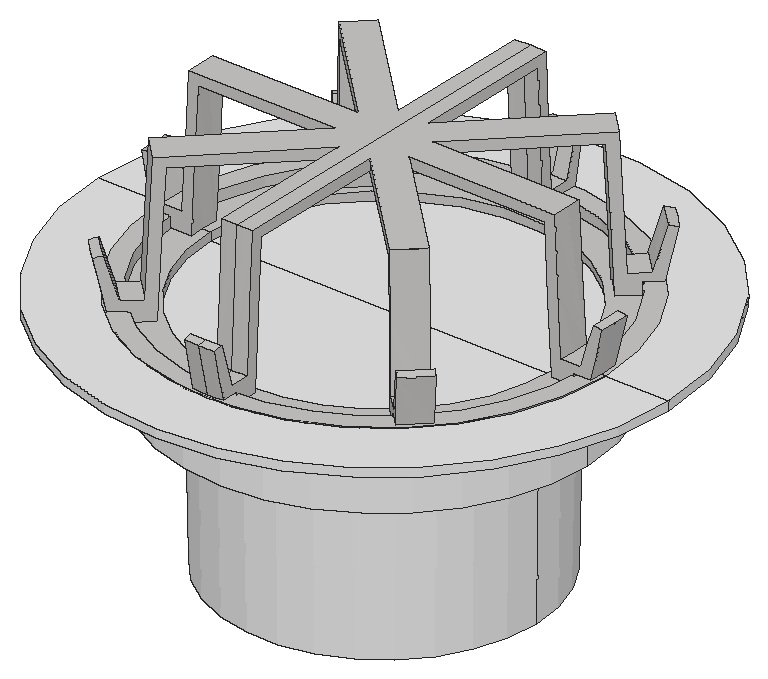
Revit family "Viking Roofspec Drain 07 M01", category Pipe Fittings, host Face, Revit 2021
Family settings
  Host = Face
  Round Connector Dimension = Use Diameter
  Part Type = Cap
  Cut with Voids When Loaded = No
  Shared = No
Parameters (values of type "Drains - Roof Drain - 150mm")
  URL = "www.vikingroofspec.co.nz"
  Type Comments = "Viking Roofspec 150mmØ clamped drain SDM051 with 304 S/S domed grate, installed as per manufacturers instructions."
  Pipe Diameter = 150 mm
  Overall Cut Diameter = 280 mm
  Model = "SDM051"
  Material = Viking Roofspec - Plastic White
  Manufacturer = "Viking Roofspec"  # constant formula
  Grate Material = Viking Roofspec - Stainless Steel
  Flow Out = 7.6 L/s
  Default Elevation = 0 mm
  Cut Diameter = 235 mm
  Component = SDM051 : Drain
Reference planes
  plane 1 "Center (Front/Back)": y = 0
  plane 2: z = 0
  plane 3 "Center (Left/Right)": x = 0
  plane 4 "Pipe Connector": z = -116.857
Forms (mm)
  Extrusion 1, void
    sketch origin (0, 0, 0) x (1, 0, 0) y (0, 1, 0)
      loop
        circle (0, 0) r 117.5
    from 0 to -120
  Extrusion 2, void
    sketch origin (0, 0, 0) x (1, 0, 0) y (0, 1, 0)
      loop
        circle (0, 0) r 140
    from -4 to 0
Dimensions and locks
  locked: host face to plane 4 "Pipe Connector" at 116.857
  "Cut Diameter": diameter of Extrusion 1 sketch curve
  "Overall Cut Diameter": diameter of Extrusion 2 sketch curve
  aligned and locked: plane 2 to host face
  aligned and locked: level to host face
Automatic sketch dimensions
  host sketch curve to host sketch curve = 2438.4 mm  (x2)
  plane 1 "Center (Front/Back)" to Extrusion 1 sketch curve = 0 mm
  Extrusion 1 sketch curve to plane 3 "Center (Left/Right)" = 0 mm
  plane 1 "Center (Front/Back)" to Extrusion 2 sketch curve = 0 mm
  Extrusion 2 sketch curve to plane 3 "Center (Left/Right)" = 0 mm
Nested families
  nested 1: "SDM051" at (0, 0, 0), type <- "Component", Grate Material <- "Grate Material", Material <- "Material", type "Drain"
Connectors
  piping at (0, 0, -116.857), diameter 150, driven by "Pipe Diameter", driven by "Flow Out"
    settings: index 3, connector inside diameter 609.6 mm, connector length 0 mm, flow factor 0, pipe flow 7.6 L/s, pressure drop 0.0 Pa, fitting loss kfactor 0, connector angle 0.00°, fixture units 0, engagement length 0 mm, angle of deflection 0.00°, flow configuration 1, flow direction 2, fitting loss method 4, system type 16, joint type 0, gender type 0, connector reference index -1, connector utility 0, adjustable connector no, is connector primary yes, connector description "Drain/Overflow"
Definition of nested family "SDM051"
  Parameters (values of type "Overflow")
    Material [instance] = none
    Has Overflow = yes
    Grate Material [instance] = none
    Default Elevation = 1219.2 mm
  Types (2, lengths in mm): name | Has Overflow
    Drain | no
    Overflow | yes
  Reference planes
    plane 1 "Center (Front/Back)": y = 0
    plane 2: z = 0
    plane 3 "Center (Left/Right)": x = 0
  Forms (mm)
    Revolve 1, solid, material <- "Material"
      sketch origin (0, 0, 0.4) x (1, 0, 0) y (0, 0, 1)
        loop
          line (-76.392, -42.743) -> (-75.04, -121.2) -> (0, -121.2) -> (0, -9) -> (-100, -9) -> (-108.6, -0.4) -> (-140, -0.4) -> (-140, -4.4) -> (-114.957, -4.4) -> (-100.25, -19.107) -> (-100.25, -42.743) -> (-76.392, -42.743)
        axis (0, -0.4) -> (0, -121.2)
      angle from 0 to 360
    Revolve 2, solid, material <- "Grate Material"
      sketch origin (0, 0, 0.4) x (1, 0, 0) y (0, 0, 1)
        loop
          line (85.25, -5) -> (85.25, -9) -> (100, -9) -> (109, 0) -> (99.75, 0) -> (99.75, -5) -> (85.25, -5)
        axis (0, 0) -> (0, -9)
      angle from 0 to 360
  Dimensions and locks
    aligned and locked: level to plane 2
    aligned and locked: Revolve 1 sketch curve to plane 3 "Center (Left/Right)"
  Nested families
    nested 1: "150mm Grate" at (0, 0, 0.4) x (0, 1, 0) z (0, 0, 1), Grate Material <- "Grate Material", type "150mm Grate"
      with Grate Material none
    nested 2: "150mm Overflow" at (0, 0, -8.6) x (0, 1, 0) z (0, 0, 1), visible <- "Has Overflow", type "150mm Overflow"
      with Material none
  Definition of nested family "150mm Grate"
    Parameters (values of type "150mm Grate")
      Grate Material [instance] = none
      Default Elevation = 1219.2 mm
    Reference planes
      plane 1 "Center (Front/Back)": y = 0
      plane 2: z = 0
      plane 3 "Center (Left/Right)": x = 0
    Forms (mm)
      Revolve 1, solid, material <- "Grate Material"
        sketch origin (0, 0, 0) x (1, 0, 0) y (0, 0, 1)
          loop
            line (93.334, 5) -> (90.195, 67.56) -> (0, 67.56) -> (0, 62.56) -> (85.321, 62.56) -> (88.836, -4.5) -> (99.8, -4.5) -> (99.8, 0.8) -> (107.956, 0.8) -> (113.417, 24.452) -> (109.364, 25.388) -> (103.131, 5) -> (93.334, 5)
          axis (0, 67.56) -> (0, -4.5)
        angle from 0 to 360
      Extrusion 2, void
        sketch origin (300, 0, 0) x (1, 0, 0) y (0, 1, 0)
          loop
            line (-281.893, -7.5) -> (-198.245, -91.148) -> (-163.597, -7.5) -> (-281.893, -7.5)
          loop
            line (-281.893, 7.5) -> (-163.597, 7.5) -> (-198.245, 91.148) -> (-281.893, 7.5)
          loop
            line (-292.5, 18.107) -> (-208.852, 101.755) -> (-292.5, 136.403) -> (-292.5, 18.107)
          loop
            line (-307.5, 136.403) -> (-391.148, 101.755) -> (-307.5, 18.107) -> (-307.5, 136.403)
          loop
            line (-318.107, 7.5) -> (-401.755, 91.148) -> (-436.403, 7.5) -> (-318.107, 7.5)
          loop
            line (-318.107, -7.5) -> (-436.403, -7.5) -> (-401.755, -91.148) -> (-318.107, -7.5)
          loop
            line (-307.5, -18.107) -> (-391.148, -101.755) -> (-307.5, -136.403) -> (-307.5, -18.107)
          loop
            line (-292.5, -18.107) -> (-292.5, -136.403) -> (-208.852, -101.755) -> (-292.5, -18.107)
        from -16.9 to 82.026
    Cuts and joins
      Extrusion 2 cuts Revolve 1
    Dimensions and locks
      aligned and locked: level to plane 2
  Definition of nested family "150mm Overflow"
    Parameters (values of type "150mm Overflow")
      Material [instance] = none
      Default Elevation = 1219.2 mm
    Reference planes
      plane 1 "Center (Front/Back)": y = 0
      plane 2: z = 0
      plane 3 "Center (Left/Right)": x = 0
    Forms (mm)
      Extrusion 1, solid, material <- "Material"
        sketch origin (0, 0, 0) x (1, 0, 0) y (0, 1, 0)
          loop
            circle (0, 0) r 81.602
          loop
            circle (0, 0) r 78.602
        from 0 to 50
    Dimensions and locks
      aligned and locked: level to plane 2
